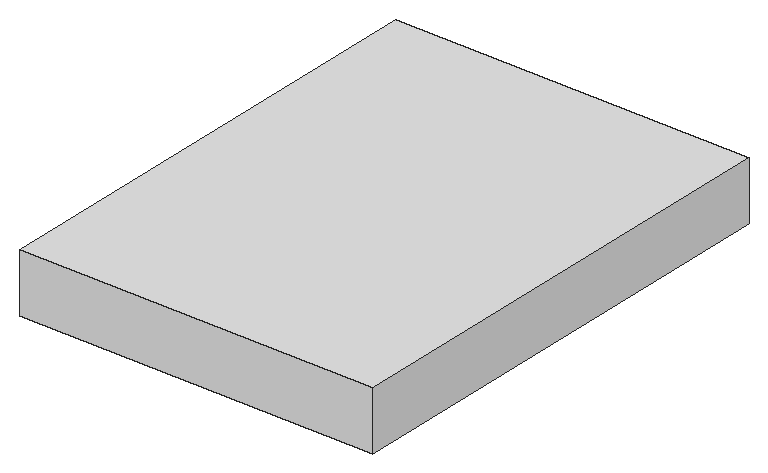
Revit family "LE Bed", category Furniture, Revit 2018
Family settings
  OmniClass Number = 23.40.20.00
  OmniClass Title = General Furniture and Specialties
  Work Plane-Based = No
  Always vertical = Yes
  Cut with Voids When Loaded = No
  Shared = No
  Room Calculation Point = No
Parameters (values of type "1500x2000mm King Double")
  Width = 1500 mm
  URL = "https://studiole.uk"
  Manufacturer = "LE"
  Length = 2000 mm
  Height = 250 mm
  Double = yes
  Circulation Right [instance] = yes
  Circulation Foot [instance] = yes
  Circulation Space = 750 mm
  Circulation Left [instance] = yes
  Bed Frame Material = Generic, White
Types (4, lengths in mm): name | Width | Length | Height | Double | Circulation Left
  (no name) | 1500 | 2000 | 250 | yes | yes
  1350x1900mm Standard Double | 1350 | 1900 | 250 | yes | yes
  1500x2000mm King Double | 1500 | 2000 | 250 | yes | yes
  900x1900mm Single | 900 | 1900 | 400 | no | no
Reference planes
  plane 1 "Center (Front/Back)": y = 0
  plane 2: z = 0
  plane 3 "Center (Left/Right)": x = 0
  plane 4 "Left": x = -750
  plane 5 "Right": x = 750
  plane 6 "Foot": y = -1000
  plane 7 "Head": y = 1000
  plane 8: x = -1500
  plane 9: x = 1500
  plane 10 "Foot Circulation": y = -1750
  plane 11 "Height": z = 250
Forms (mm)
  Extrusion 1, solid, material "Generic, White" <- "Bed Frame Material"
    sketch origin (0, 0, 0) x (1, 0, 0) y (0, 1, 0)
      loop
        line (-750, 1000) -> (-750, -1000) -> (750, -1000) -> (750, 1000) -> (-750, 1000)
    from 0 to 250 <- "Height"
Lines and regions (mm)
  model lines, style "FurnitureHiddenLines", visible <- "Circulation Left"
    curve 1: line (-1500, 1000, 0) -> (-1500, -1000, 0)
    curve 11: arc (-1500, -1000, 0) -> (-1280.33, -1530.33, 0) -> (-750, -1750, 0) r 750
  model lines, style "FurnitureHiddenLines", visible <- "Circulation Right"
    curve 2: line (1500, 1000, 0) -> (1500, -1000, 0)
    curve 12: arc (750, -1750, 0) -> (1280.33, -1530.33, 0) -> (1500, -1000, 0) r 750
  model lines, style "FurnitureHiddenLines", visible <- "Circulation Foot"
    curve 3: line (-750, -1750, 0) -> (750, -1750, 0)
  model lines
    curve 4: line (-750, 540, 250) -> (750, 540, 250)
    curve 5: line (-750, 0, 250) -> (0, 540, 250)
    curve 6: line (-675, 615, 250) -> (675, 615, 250)
    curve 7: line (-675, 925, 250) -> (-675, 615, 250)
    curve 8: line (675, 925, 250) -> (-675, 925, 250)
    curve 9: line (675, 615, 250) -> (675, 925, 250)
  model lines, visible <- "Double"
    curve 10: line (0, 925, 250) -> (0, 615, 250)
Dimensions and locks
  "Length": plane 7 "Head" to plane 6 "Foot"
  equal spacing: plane 7 "Head", plane 1 "Center (Front/Back)", plane 6 "Foot"
  "Width": plane 4 "Left" to plane 5 "Right"
  equal spacing: plane 4 "Left", plane 3 "Center (Left/Right)", plane 5 "Right"
  "Circulation Space": plane 8 to plane 4 "Left"
  "Circulation Space": plane 5 "Right" to plane 9
  "Circulation Space": plane 6 "Foot" to plane 10 "Foot Circulation"
  curve 4 to Extrusion 1 = 460 mm
  curve 9 to Extrusion 1 = 75 mm
  Extrusion 1 to curve 7 = 75 mm
  Extrusion 1 to curve 8 = 75 mm
  curve 4 to curve 6 = 75 mm
  "Height": plane 11 "Height" to plane 2
  aligned and locked: level to plane 2
Automatic sketch dimensions
  Extrusion 1 sketch curve to plane 4 "Left" = 0 mm
  Extrusion 1 sketch curve to plane 5 "Right" = 0 mm
  Extrusion 1 sketch curve to plane 6 "Foot" = 0 mm
  Extrusion 1 sketch curve to plane 7 "Head" = 0 mm
  curve 1 to plane 8 = 0 mm
  curve 11 to plane 4 "Left" = 0 mm
  curve 3 to plane 5 "Right" = 0 mm
  curve 2 to plane 7 "Head" = 0 mm
  curve 2 to plane 9 = 0 mm
  curve 2 to plane 6 "Foot" = 0 mm
  curve 1 to plane 7 "Head" = 0 mm
  curve 4 to plane 5 "Right" = 0 mm
  curve 4 to plane 4 "Left" = 0 mm
  plane 1 "Center (Front/Back)" to curve 5 = 0 mm
  curve 5 to plane 3 "Center (Left/Right)" = 0 mm
  curve 5 to plane 4 "Left" = 0 mm
  curve 10 to plane 3 "Center (Left/Right)" = 0 mm
